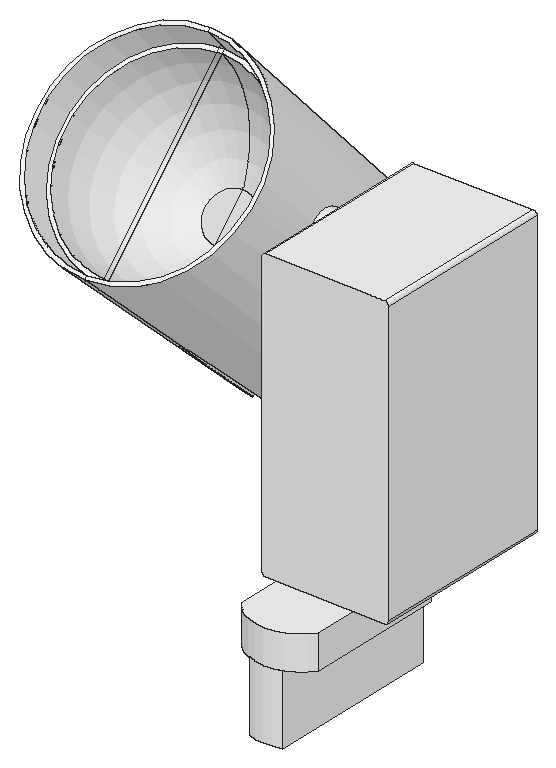
Revit family "0004827 Feilo Sylvania Lighting Fixture START TRACK SPOT S 24W 4K RA80 MB WHITE", category Lighting Fixtures, host Face, Revit 2017
Family settings
  Host = Face
  Round Connector Dimension = Use Diameter
  Part Type = Normal
  OmniClass Number = 23.80.70.00
  OmniClass Title = Lighting
  Cut with Voids When Loaded = No
  Light Source = No
  Shared = No
  Room Calculation Point = No
Parameters (values of type "0004827 START TRACK SPOT S 24W 4K RA80 MB WHITE")
  Weight = "0.966 kg"
  Wattage Comments = ""
  WarrantyStartDate [instance] = "n/a"
  WarrantyGuarantorParts = "n/a"
  WarrantyDurationUnit = "n/a"
  WarrantyDurationParts = "n/a"
  WarrantyDescription = "n/a"
  Voltage = 230 V
  URL = "http://www.sylvania-lighting.com"
  TypeName = "START TRACK SPOT S 24W 4K RA80 MB WHITE"
  TypeHead_FEILO = Start Track Spot Head : 0004827 START TRACK SPOT S 24W 4K RA80 MB WHITE
  TypeBox_FEILO = Start Track Spot Box : Type Small White
  Type Image = <None>
  Type Comments = "n/a"
  VerticalRotation_FEILO [instance] = 0.00°
  SlideEndAngle_FEILO [instance] = VerticalRotation_FEILO + 180.00°  # 180.00°
  SerialNumber [instance] = "n/a"
  Material_3_FEILO = none
  PowerFactor = 0.95
  PowerConsumption = "24 W"
  NominalLength = 0 mm
  NominalHeight = 200 mm
  NominalDepth = 140 mm
  Name = "START TRACK SPOT S 24W 4K RA80 MB WHITE"
  ModelReference = Name  # "START TRACK SPOT S 24W 4K RA80 MB WHITE"
  ModelNumber = "0004827"
  Model = Name  # "START TRACK SPOT S 24W 4K RA80 MB WHITE"
  Material = "adc12 aluminium housing, polycarbonate diffuser"
  ManufacturerName = "Feilo Sylvania"
  Manufacturer = "Feilo Sylvania"
  LuminousEfficacy = "104 lm/W"
  LuminaireType = ""
  LightOutputRatio = "100"
  LampsType = Lamp  # "LED"
  LampNominalLuminous = "2487 lm"
  LampMacAdamStep = "3"
  LampColourTemperature = "4000 K"
  LampColourRenderingIndex = "80"
  Lamp = "LED"
  Keynote = "16500"
  InstallationDate [instance] = "n/a"
  InputVoltage = "230-240V~"
  InputNominalFrequency = "50/60 Hz"
  IngressProtection = "IP20"
  ImpactProtectionIndex = "IK02"
  IfcExportType = "IfcLightFixtureType"
  IfcExportAs = "IfcLightFixtureType"
  HorizontalRotation_FEILO [instance] = 45.00°
  ExpectedLife = 50000
  ElectricShockClassification = "Class II"
  DurationUnit = "hours"
  DocumentationLiterature = "http://www.sylvania-lighting.com/product/en-int/products/0004827"
  DimmingControlOptions = "Non dimmable"
  Material_2_FEILO = none
  Description = "Integrated LED spotlight, Textured White - RAL9016, compact and minimalist design, ideal for retail applications, die-cast aluminium body, passive cooling heatsink. Beam angle: 36°, color temperature: 4000K , total system power: 24W, total fixture output: 2487 lm, LOR: 100%, colour rendering: Ra: 80 typical, LED Chromaticity: 3 step MacAdam ellipse, lifetime: >50000 hours at L70B50, energy class: A++, A+, A, IR/UV free light source without heat radiation, operating voltage: 220-240V / 50-60Hz, drive current: 600mA, electronic driver, non-dimmable, power factor: 0.95, electrical protection: Class II, Global Track 3 Phase adapter suitable for Global trac 3-circuit tracks, ingress protection rating: IP20, suitable for internal environment only, horizontal rotation: 355°, vertical tilt: 90°, dimensions: Ø86x140x200, weight: 0.966kg."
  Default Elevation = 1219.2 mm
  CreatedOn = "12/12/2017"
  CreatedBy = ""
  Cost = 0
  built-in parameter 1114216 [instance] = (empty or 0)
  ClassificationValue = "EF_70_80"
  ClassificationName = "Uniclass2015"
  Material_1_FEILO = Body-Sylvania-StartTrackSpot-White
  BarCode [instance] = "n/a"
  AssetType = "Fixed"
  AssetIdentifier [instance] = "n/a"
  Assembly Code = "D5020200"
  Apparent Load = 24 VA
  Material_4_FEILO = none
Reference planes
  plane 1 "Center (Front/Back)": y = 0
  plane 2: z = 0
  plane 3 "Center (Left/Right)": x = 0
  plane 4: x = 15
  plane 5: x = -15
  plane 6: y = 35
  plane 7: y = -35
  plane 8: z = 13
  plane 9: z = -27
  plane 10: x = 6.5
  plane 11: x = -6.5
  plane 12: y = 27
  plane 13: y = -27
  plane 14: y = 20
Forms (mm)
  Extrusion 1, solid, material "Body-Sylvania-StartTrackSpot-White" <- "Material_1_FEILO"
    sketch origin (0, 0, 0) x (1, 0, 0) y (0, 1, 0)
      loop
        line (-15, 27) -> (-15, -27)
        arc (-15, -27) -> (0, -35) -> (15, -27) r 18.062
        line (15, -27) -> (15, 27)
        arc (15, 27) -> (0, 35) -> (-15, 27) r 18.062
    from 0 to 13
  Extrusion 2, solid, material "Body-Sylvania-StartTrackSpot-White" <- "Material_1_FEILO"
    sketch origin (0, 0, 0) x (1, 0, 0) y (0, 1, 0)
      loop
        arc (6.5, 33.79) -> (0, 35) -> (-6.5, 33.79) r 18.062
        line (-6.5, 33.79) -> (-6.5, -33.79)
        arc (-6.5, -33.79) -> (0, -35) -> (6.5, -33.79) r 18.062
        line (6.5, -33.79) -> (6.5, 33.79)
    from 0 to -27
  Revolve 3, solid, not visible
    sketch origin (1524, 20, 1219.2) x (1, 0, 0) y (0, 0, 1)
      loop
        line (-1524, -1206.2) -> (-1524, -1191.285) -> (-1530.5, -1191.285) -> (-1530.5, -1206.2) -> (-1524, -1206.2)
      axis (-1524, -1191.285) -> (-1524, -1206.2)
    angle from 0 <- "VerticalRotation_FEILO" to 180 <- "SlideEndAngle_FEILO"
Cuts and joins
  joined: Extrusion 1, Extrusion 2
Dimensions and locks
  equal spacing: plane 10, plane 3 "Center (Left/Right)", plane 11
  equal spacing: plane 4, plane 3 "Center (Left/Right)", plane 5
  locked: plane 8 to plane 2 at 13
  locked: plane 8 to plane 9 at 40
  equal spacing: plane 13, plane 1 "Center (Front/Back)", plane 12
  locked: plane 12 to plane 6 at 8
  locked: plane 14 to plane 6 at 15
  locked: Revolve 3 sketch curve to plane 8 at 14.915
  aligned and locked: plane 2 to host face
  aligned and locked: level to host face
  aligned and locked: plane 5 to Extrusion 1 sketch curve  (x2)
  aligned and locked: plane 12 to Extrusion 1 sketch curve
  aligned and locked: plane 13 to Extrusion 1 sketch curve
  aligned and locked: plane 4 to Extrusion 1 sketch curve
  aligned and locked: Extrusion 1 to plane 8
  aligned and locked: Extrusion 1 to level
  aligned and locked: Extrusion 2 sketch curve to Extrusion 1  (x2)
  aligned and locked: Extrusion 2 sketch curve to plane 11
  aligned and locked: plane 10 to Extrusion 2 sketch curve
  aligned and locked: plane 9 to Extrusion 2
  aligned and locked: level to Extrusion 2
  aligned and locked: Revolve 3 sketch curve to plane 3 "Center (Left/Right)"  (x2)
  aligned and locked: plane 11 to Revolve 3 sketch curve
  aligned and locked: Revolve 3 sketch curve to plane 8
Automatic sketch dimensions
  host sketch curve to host sketch curve = 2438.4 mm  (x2)
  Extrusion 1 sketch curve to plane 3 "Center (Left/Right)" = 0 mm  (x2)
  Extrusion 1 sketch curve to plane 13 = 10.062 mm
  plane 12 to Extrusion 1 sketch curve = 10.062 mm
  Revolve 3 sketch curve to plane 3 "Center (Left/Right)" = 0 mm
  plane 9 to Revolve 3 sketch curve = 582.6 mm
  Revolve 3 sketch curve to Revolve 3 sketch curve = 2581.144 mm
Nested families
  nested 1: "Start Track Spot Head" at (-62, 20, 112.529) x (0, 0.7071, 0.7071) z (0, 0.7071, -0.7071), type <- "TypeHead_FEILO", type "0004827 START TRACK SPOT S 24W 4K RA80 MB WHITE"
    with built-in parameter 1114216 (empty or 0)
  nested 2: "Start Track Spot Box" at (8.5, 20, 73) x (-1, 0, 0) z (0, -1, 0), BoxStartAngle_FEILO <- "HorizontalRotation_FEILO", type <- "TypeBox_FEILO", type "Type Small White"
    with BoxStartAngle_FEILO 45.00°, BoxEndAngle_FEILO -135.00°
Connectors
  electrical at (0, 0, 0), driven by "Apparent Load", driven by "PowerFactor", driven by "Voltage"
    settings: index 1, voltage 230 V, apparent load 24 VA, apparent load phase1 0 VA, apparent load phase2 0 VA, apparent load phase3 0 VA, power factor 0.95, load classification "Lighting", number of poles 1, system type 30, power factor state 1, is connector primary yes, connector utility no, sub classification motor no, connector description ""
Definition of nested family "Start Track Spot Head"
  Parameters (values of type "0004811 START TRACK SPOT S 14W 3K RA80 NB WHITE")
    Wattage Comments = "n/a"
    Wattage = 14 W
    built-in parameter 1150110 = 1 (stored number, unit not read)
    URL = "http://www.feilosylvania.com"
    Type Image = (empty or 0)
    Type Comments = "n/a"
    built-in parameter 1114217 = 1 (stored number, unit not read)
    Tilt Angle = -90.00°
    built-in parameter 1150109 = 1 (stored number, unit not read)
    built-in parameter 1150134 = (empty or 0)
    built-in parameter 1150113 = 1 (stored number, unit not read)
    Photometric Web File = "0004811.ies"
    Material_3_FEILO = none
    Model = "START TRACK SPOT S 14W 3K RA80 NB WHITE"
    Manufacturer = "Feilo Sylvania"
    built-in parameter 1150105 = 123.66 (stored number, unit not read)
    Lumens = 1554 lm
    built-in parameter 1150115 = 1 (stored number, unit not read)
    built-in parameter 1150137 = (empty or 0)
    built-in parameter 1150139 = (empty or 0)
    built-in parameter 1150112 = 1 (stored number, unit not read)
    built-in parameter 1150114 = 1 (stored number, unit not read)
    Lamp = "LED"
    Keynote = "16500"
    Material_2_FEILO = none
    built-in parameter 1150132 = (empty or 0)
    built-in parameter 1150102 = (empty or 0)
    built-in parameter 1150107 = 3000 (stored number, unit not read)
    built-in parameter 1150138 = (empty or 0)
    built-in parameter 1150106 = 1.2366 (stored number, unit not read)
    HeadThickness_FEILO = if(HeadDiaOut_FEILO > 112 mm, 2 mm, 1.5 mm)  # 1.5 mm
    HeadRibOffset_FEILO = HeadHeight_FEILO / 28  # 4.179 mm
    HeadRibDepth_FEILO = HeadHeight_FEILO / 2.1  # 55.714 mm
    HeadRibCutWidth_FEILO = HeadDiaOut_FEILO / 12  # 7.167 mm
    HeadRibCutOffset_FEILO = HeadHeight_FEILO / 2.3  # 50.87 mm
    HeadReflectorRadius_FEILO = HeadDiaOut_FEILO / 1.7  # 50.588 mm
    HeadReflectorOffset_FEILO = HeadHeight_FEILO / 2.1  # 55.714 mm
    HeadLEDRadius_FEILO = HeadDiaOut_FEILO / 9  # 9.556 mm
    HeadHeight_FEILO = 117 mm
    HeadDraft_FEILO = 1 mm
    HeadDiffusorThickness_FEILO = 3 mm
    HeadDiffusorOffset_FEILO = HeadHeight_FEILO / 12.4  # 9.435 mm
    HeadDiaOut_FEILO = 86 mm
    HeadDiaIn_FEILO = HeadDiaOut_FEILO / 1.11  # 77.477 mm
    HeadAxisFromTop_FEILO = HeadHeight_FEILO / 1.687  # 69.354 mm
    Emit from Circle Diameter = HeadDiaIn_FEILO  # 77.477 mm
    Emit Shape Visible in Rendering = no
    built-in parameter 1150104 = 10.312 (stored number, unit not read)
    Dimming Lamp Color Temperature Shift = (empty or 0)
    Description = "Integrated LED spotlight, Textured White - RAL9016, compact and minimalist design, ideal for retail applications, die-cast aluminium body, passive cooling heatsink. Beam angle: 12°, color temperature: 3000K , total system power: 14W, total fixture output: 1551 lm, LOR: 100%, colour rendering: Ra: 80 typical, LED Chromaticity: 3 step MacAdam ellipse, lifetime: >50000 hours at L70B50, energy class: A++, A+, A, IR/UV free light source without heat radiation, operating voltage: 220-240V / 50-60Hz, drive current: 350mA, electronic driver, non-dimmable, power factor: 0.92, electrical protection: Class II, Global Track 3 Phase adapter suitable for Global trac 3-circuit tracks, ingress protection rating: IP20, suitable for internal environment only, horizontal rotation: 355°, vertical tilt: 90°, dimensions: Ø86x140x200, weight: 0.940kg."
    Default Elevation = 1219.2 mm
    Cost = 0
    Color Filter = 16777215
    built-in parameter 1114216 [instance] = (empty or 0)
    Material_1_FEILO = none
    built-in parameter 1114218 = 1 (stored number, unit not read)
    built-in parameter 1150133 = 10 (stored number, unit not read)
    Assembly Code = "D5020200"
    Apparent Load = 14 VA
    Material_4_FEILO = none
  Types (96, lengths in mm): name | Wattage | built-in parameter 1150134 | Photometric Web File | Model | built-in parameter 1150105 | Lumens | built-in parameter 1150107 | built-in parameter 1150106 | HeadThickness_FEILO | HeadRibOffset_FEILO | HeadRibDepth_FEILO | HeadRibCutWidth_FEILO | HeadRibCutOffset_FEILO | HeadReflectorRadius_FEILO | HeadReflectorOffset_FEILO | HeadLEDRadius_FEILO | HeadHeight_FEILO | HeadDiffusorOffset_FEILO | HeadDiaOut_FEILO | HeadDiaIn_FEILO | HeadAxisFromTop_FEILO | Emit from Circle Diameter | built-in parameter 1150104 | Description | Apparent Load
    0004906 START TRACK SPOT L 55W 4K RA90 WB BLACK | 55 W | 12 | "0004906.ies" | "START TRACK SPOT L 55W 4K RA90 WB BLACK" | 385.15 (stored number, unit not read) | 4840 lm | 4000 (stored number, unit not read) | 3.8515 (stored number, unit not read) | 2 | 4.429 | 59.048 | 9.417 | 53.913 | 66.471 | 59.048 | 12.556 | 124 | 10 | 113 | 101.802 | 73.503 | 101.802 | 8.1755 (stored number, unit not read) | "Integrated LED spotlight, Textured Black - RAL9005, compact and minimalist design, ideal for retail applications, die-cast aluminium body, passive cooling heatsink. Beam angle: 52°, color temperature: 4000K , total system power: 55W, total fixture output: 4824 lm, LOR: 100%, colour rendering: Ra: 90 typical, LED Chromaticity: 3 step MacAdam ellipse, lifetime: >50000 hours at L70B50, energy class: A++, A+, A, IR/UV free light source without heat radiation, operating voltage: 220-240V / 50-60Hz, drive current: 1400mA, electronic driver, non-dimmable, power factor: 0.96, electrical protection: Class II, Global Track 3 Phase adapter suitable for Global trac 3-circuit tracks, ingress protection rating: IP20, suitable for internal environment only, horizontal rotation: 355°, vertical tilt: 90°, dimensions: Ø113x164x240, weight: 1.398kg." | 55 VA
    0004905 START TRACK SPOT L 55W 4K RA90 MB BLACK | 55 W | 12 | "0004905.ies" | "START TRACK SPOT L 55W 4K RA90 MB BLACK" | 389.53 (stored number, unit not read) | 4895 lm | 4000 (stored number, unit not read) | 3.8953 (stored number, unit not read) | 2 | 4.429 | 59.048 | 9.417 | 53.913 | 66.471 | 59.048 | 12.556 | 124 | 10 | 113 | 101.802 | 73.503 | 101.802 | 8.2684 (stored number, unit not read) | "Integrated LED spotlight, Textured Black - RAL9005, compact and minimalist design, ideal for retail applications, die-cast aluminium body, passive cooling heatsink. Beam angle: 38°, color temperature: 4000K , total system power: 55W, total fixture output: 4897 lm, LOR: 100%, colour rendering: Ra: 90 typical, LED Chromaticity: 3 step MacAdam ellipse, lifetime: >50000 hours at L70B50, energy class: A++, A+, A, IR/UV free light source without heat radiation, operating voltage: 220-240V / 50-60Hz, drive current: 1400mA, electronic driver, non-dimmable, power factor: 0.96, electrical protection: Class II, Global Track 3 Phase adapter suitable for Global trac 3-circuit tracks, ingress protection rating: IP20, suitable for internal environment only, horizontal rotation: 355°, vertical tilt: 90°, dimensions: Ø113x164x240, weight: 1.398kg." | 55 VA
    0004904 START TRACK SPOT L 55W 4K RA90 NB BLACK | 55 W | 12 | "0004904.ies" | "START TRACK SPOT L 55W 4K RA90 NB BLACK" | 393.91 (stored number, unit not read) | 4950 lm | 4000 (stored number, unit not read) | 3.9391 (stored number, unit not read) | 2 | 4.429 | 59.048 | 9.417 | 53.913 | 66.471 | 59.048 | 12.556 | 124 | 10 | 113 | 101.802 | 73.503 | 101.802 | 8.3613 (stored number, unit not read) | "Integrated LED spotlight, Textured Black - RAL9005, compact and minimalist design, ideal for retail applications, die-cast aluminium body, passive cooling heatsink. Beam angle: 15°, color temperature: 4000K , total system power: 55W, total fixture output: 4965 lm, LOR: 100%, colour rendering: Ra: 90 typical, LED Chromaticity: 3 step MacAdam ellipse, lifetime: >50000 hours at L70B50, energy class: A++, A+, A, IR/UV free light source without heat radiation, operating voltage: 220-240V / 50-60Hz, drive current: 1400mA, electronic driver, non-dimmable, power factor: 0.96, electrical protection: Class II, Global Track 3 Phase adapter suitable for Global trac 3-circuit tracks, ingress protection rating: IP20, suitable for internal environment only, horizontal rotation: 355°, vertical tilt: 90°, dimensions: Ø113x164x240, weight: 1.398kg." | 55 VA
    0004903 START TRACK SPOT L 35W 4K RA90 WB BLACK | 35 W | 12 | "0004903.ies" | "START TRACK SPOT L 35W 4K RA90 WB BLACK" | 284.09 (stored number, unit not read) | 3570 lm | 4000 (stored number, unit not read) | 2.8409 (stored number, unit not read) | 2 | 4.429 | 59.048 | 9.417 | 53.913 | 66.471 | 59.048 | 12.556 | 124 | 10 | 113 | 101.802 | 73.503 | 101.802 | 9.4761 (stored number, unit not read) | "Integrated LED spotlight, Textured Black - RAL9005, compact and minimalist design, ideal for retail applications, die-cast aluminium body, passive cooling heatsink. Beam angle: 52°, color temperature: 4000K , total system power: 35W, total fixture output: 3562 lm, LOR: 100%, colour rendering: Ra: 90 typical, LED Chromaticity: 3 step MacAdam ellipse, lifetime: >50000 hours at L70B50, energy class: A++, A+, A, IR/UV free light source without heat radiation, operating voltage: 220-240V / 50-60Hz, drive current: 900mA, electronic driver, non-dimmable, power factor: 0.93, electrical protection: Class II, Global Track 3 Phase adapter suitable for Global trac 3-circuit tracks, ingress protection rating: IP20, suitable for internal environment only, horizontal rotation: 355°, vertical tilt: 90°, dimensions: Ø113x164x240, weight: 1.368kg." | 35 VA
    0004902 START TRACK SPOT L 35W 4K RA90 MB BLACK | 35 W | 12 | "0004902.ies" | "START TRACK SPOT L 35W 4K RA90 MB BLACK" | 286.88 (stored number, unit not read) | 3605 lm | 4000 (stored number, unit not read) | 2.8688 (stored number, unit not read) | 2 | 4.429 | 59.048 | 9.417 | 53.913 | 66.471 | 59.048 | 12.556 | 124 | 10 | 113 | 101.802 | 73.503 | 101.802 | 9.569 (stored number, unit not read) | "Integrated LED spotlight, Textured Black - RAL9005, compact and minimalist design, ideal for retail applications, die-cast aluminium body, passive cooling heatsink. Beam angle: 38°, color temperature: 4000K , total system power: 35W, total fixture output: 3616 lm, LOR: 100%, colour rendering: Ra: 90 typical, LED Chromaticity: 3 step MacAdam ellipse, lifetime: >50000 hours at L70B50, energy class: A++, A+, A, IR/UV free light source without heat radiation, operating voltage: 220-240V / 50-60Hz, drive current: 900mA, electronic driver, non-dimmable, power factor: 0.93, electrical protection: Class II, Global Track 3 Phase adapter suitable for Global trac 3-circuit tracks, ingress protection rating: IP20, suitable for internal environment only, horizontal rotation: 355°, vertical tilt: 90°, dimensions: Ø113x164x240, weight: 1.368kg." | 35 VA
    0004901 START TRACK SPOT L 35W 4K RA90 NB BLACK | 35 W | 12 | "0004901.ies" | "START TRACK SPOT L 35W 4K RA90 NB BLACK" | 286.88 (stored number, unit not read) | 3605 lm | 4000 (stored number, unit not read) | 2.8688 (stored number, unit not read) | 2 | 4.429 | 59.048 | 9.417 | 53.913 | 66.471 | 59.048 | 12.556 | 124 | 10 | 113 | 101.802 | 73.503 | 101.802 | 9.569 (stored number, unit not read) | "Integrated LED spotlight, Textured Black - RAL9005, compact and minimalist design, ideal for retail applications, die-cast aluminium body, passive cooling heatsink. Beam angle: 15°, color temperature: 4000K , total system power: 35W, total fixture output: 3593 lm, LOR: 100%, colour rendering: Ra: 90 typical, LED Chromaticity: 3 step MacAdam ellipse, lifetime: >50000 hours at L70B50, energy class: A++, A+, A, IR/UV free light source without heat radiation, operating voltage: 220-240V / 50-60Hz, drive current: 900mA, electronic driver, non-dimmable, power factor: 0.93, electrical protection: Class II, Global Track 3 Phase adapter suitable for Global trac 3-circuit tracks, ingress protection rating: IP20, suitable for internal environment only, horizontal rotation: 355°, vertical tilt: 90°, dimensions: Ø113x164x240, weight: 1.368kg." | 35 VA
    0004900 START TRACK SPOT S 24W 4K RA90 WB BLACK | 24 W | 12 | "0004900.ies" | "START TRACK SPOT S 24W 4K RA90 WB BLACK" | 166.16 (stored number, unit not read) | 2088 lm | 4000 (stored number, unit not read) | 1.6616 (stored number, unit not read) | 1.5 | 4.179 | 55.714 | 7.167 | 50.87 | 50.588 | 55.714 | 9.556 | 117 | 9.435 | 86 | 77.477 | 69.354 | 77.477 | 8.0826 (stored number, unit not read) | "Integrated LED spotlight, Textured Black - RAL9005, compact and minimalist design, ideal for retail applications, die-cast aluminium body, passive cooling heatsink. Beam angle: 64°, color temperature: 4000K , total system power: 24W, total fixture output: 2087 lm, LOR: 100%, colour rendering: Ra: 90 typical, LED Chromaticity: 3 step MacAdam ellipse, lifetime: >50000 hours at L70B50, energy class: A++, A+, A, IR/UV free light source without heat radiation, operating voltage: 220-240V / 50-60Hz, drive current: 600mA, electronic driver, non-dimmable, power factor: 0.95, electrical protection: Class II, Global Track 3 Phase adapter suitable for Global trac 3-circuit tracks, ingress protection rating: IP20, suitable for internal environment only, horizontal rotation: 355°, vertical tilt: 90°, dimensions: Ø86x140x200, weight: 0.966kg." | 24 VA
    0004899 START TRACK SPOT S 24W 4K RA90 MB BLACK | 24 W | 12 | "0004899.ies" | "START TRACK SPOT S 24W 4K RA90 MB BLACK" | 169.98 (stored number, unit not read) | 2136 lm | 4000 (stored number, unit not read) | 1.6998 (stored number, unit not read) | 1.5 | 4.179 | 55.714 | 7.167 | 50.87 | 50.588 | 55.714 | 9.556 | 117 | 9.435 | 86 | 77.477 | 69.354 | 77.477 | 8.2684 (stored number, unit not read) | "Integrated LED spotlight, Textured Black - RAL9005, compact and minimalist design, ideal for retail applications, die-cast aluminium body, passive cooling heatsink. Beam angle: 36°, color temperature: 4000K , total system power: 24W, total fixture output: 2141 lm, LOR: 100%, colour rendering: Ra: 90 typical, LED Chromaticity: 3 step MacAdam ellipse, lifetime: >50000 hours at L70B50, energy class: A++, A+, A, IR/UV free light source without heat radiation, operating voltage: 220-240V / 50-60Hz, drive current: 600mA, electronic driver, non-dimmable, power factor: 0.95, electrical protection: Class II, Global Track 3 Phase adapter suitable for Global trac 3-circuit tracks, ingress protection rating: IP20, suitable for internal environment only, horizontal rotation: 355°, vertical tilt: 90°, dimensions: Ø86x140x200, weight: 0.966kg." | 24 VA
    0004898 START TRACK SPOT S 24W 4K RA90 NB BLACK | 24 W | 12 | "0004898.ies" | "START TRACK SPOT S 24W 4K RA90 NB BLACK" | 171.89 (stored number, unit not read) | 2160 lm | 4000 (stored number, unit not read) | 1.7189 (stored number, unit not read) | 1.5 | 4.179 | 55.714 | 7.167 | 50.87 | 50.588 | 55.714 | 9.556 | 117 | 9.435 | 86 | 77.477 | 69.354 | 77.477 | 8.3613 (stored number, unit not read) | "Integrated LED spotlight, Textured Black - RAL9005, compact and minimalist design, ideal for retail applications, die-cast aluminium body, passive cooling heatsink. Beam angle: 12°, color temperature: 4000K , total system power: 24W, total fixture output: 2155 lm, LOR: 100%, colour rendering: Ra: 90 typical, LED Chromaticity: 3 step MacAdam ellipse, lifetime: >50000 hours at L70B50, energy class: A++, A+, A, IR/UV free light source without heat radiation, operating voltage: 220-240V / 50-60Hz, drive current: 600mA, electronic driver, non-dimmable, power factor: 0.95, electrical protection: Class II, Global Track 3 Phase adapter suitable for Global trac 3-circuit tracks, ingress protection rating: IP20, suitable for internal environment only, horizontal rotation: 355°, vertical tilt: 90°, dimensions: Ø86x140x200, weight: 0.966kg." | 24 VA
    0004897 START TRACK SPOT S 14W 4K RA90 WB BLACK | 14 W | 12 | "0004897.ies" | "START TRACK SPOT S 14W 4K RA90 WB BLACK" | 108.07 (stored number, unit not read) | 1358 lm | 4000 (stored number, unit not read) | 1.0807 (stored number, unit not read) | 1.5 | 4.179 | 55.714 | 7.167 | 50.87 | 50.588 | 55.714 | 9.556 | 117 | 9.435 | 86 | 77.477 | 69.354 | 77.477 | 9.0116 (stored number, unit not read) | "Integrated LED spotlight, Textured Black - RAL9005, compact and minimalist design, ideal for retail applications, die-cast aluminium body, passive cooling heatsink. Beam angle: 64°, color temperature: 4000K , total system power: 14W, total fixture output: 1352 lm, LOR: 100%, colour rendering: Ra: 90 typical, LED Chromaticity: 3 step MacAdam ellipse, lifetime: >50000 hours at L70B50, energy class: A++, A+, A, IR/UV free light source without heat radiation, operating voltage: 220-240V / 50-60Hz, drive current: 350mA, electronic driver, non-dimmable, power factor: 0.92, electrical protection: Class II, Global Track 3 Phase adapter suitable for Global trac 3-circuit tracks, ingress protection rating: IP20, suitable for internal environment only, horizontal rotation: 355°, vertical tilt: 90°, dimensions: Ø86x140x200, weight: 0.940kg." | 14 VA
    0004896 START TRACK SPOT S 14W 4K RA90 MB BLACK | 14 W | 12 | "0004896.ies" | "START TRACK SPOT S 14W 4K RA90 MB BLACK" | 108.07 (stored number, unit not read) | 1358 lm | 4000 (stored number, unit not read) | 1.0807 (stored number, unit not read) | 1.5 | 4.179 | 55.714 | 7.167 | 50.87 | 50.588 | 55.714 | 9.556 | 117 | 9.435 | 86 | 77.477 | 69.354 | 77.477 | 9.0116 (stored number, unit not read) | "Integrated LED spotlight, Textured Black - RAL9005, compact and minimalist design, ideal for retail applications, die-cast aluminium body, passive cooling heatsink. Beam angle: 36°, color temperature: 4000K , total system power: 14W, total fixture output: 1359 lm, LOR: 100%, colour rendering: Ra: 90 typical, LED Chromaticity: 3 step MacAdam ellipse, lifetime: >50000 hours at L70B50, energy class: A++, A+, A, IR/UV free light source without heat radiation, operating voltage: 220-240V / 50-60Hz, drive current: 350mA, electronic driver, non-dimmable, power factor: 0.92, electrical protection: Class II, Global Track 3 Phase adapter suitable for Global trac 3-circuit tracks, ingress protection rating: IP20, suitable for internal environment only, horizontal rotation: 355°, vertical tilt: 90°, dimensions: Ø86x140x200, weight: 0.940kg." | 14 VA
    0004895 START TRACK SPOT S 14W 4K RA90 NB BLACK | 14 W | 12 | "0004895.ies" | "START TRACK SPOT S 14W 4K RA90 NB BLACK" | 106.95 (stored number, unit not read) | 1344 lm | 4000 (stored number, unit not read) | 1.0695 (stored number, unit not read) | 1.5 | 4.179 | 55.714 | 7.167 | 50.87 | 50.588 | 55.714 | 9.556 | 117 | 9.435 | 86 | 77.477 | 69.354 | 77.477 | 8.9187 (stored number, unit not read) | "Integrated LED spotlight, Textured Black - RAL9005, compact and minimalist design, ideal for retail applications, die-cast aluminium body, passive cooling heatsink. Beam angle: 12°, color temperature: 4000K , total system power: 14W, total fixture output: 1349 lm, LOR: 100%, colour rendering: Ra: 90 typical, LED Chromaticity: 3 step MacAdam ellipse, lifetime: >50000 hours at L70B50, energy class: A++, A+, A, IR/UV free light source without heat radiation, operating voltage: 220-240V / 50-60Hz, drive current: 350mA, electronic driver, non-dimmable, power factor: 0.92, electrical protection: Class II, Global Track 3 Phase adapter suitable for Global trac 3-circuit tracks, ingress protection rating: IP20, suitable for internal environment only, horizontal rotation: 355°, vertical tilt: 90°, dimensions: Ø86x140x200, weight: 0.940kg." | 14 VA
    0004894 START TRACK SPOT L 55W 3K RA90 WB BLACK | 55 W | (empty or 0) | "0004894.ies" | "START TRACK SPOT L 55W 3K RA90 WB BLACK" | 350.14 (stored number, unit not read) | 4400 lm | 3000 (stored number, unit not read) | 3.5014 (stored number, unit not read) | 2 | 4.429 | 59.048 | 9.417 | 53.913 | 66.471 | 59.048 | 12.556 | 124 | 10 | 113 | 101.802 | 73.503 | 101.802 | 7.4322 (stored number, unit not read) | "Integrated LED spotlight, Textured Black - RAL9005, compact and minimalist design, ideal for retail applications, die-cast aluminium body, passive cooling heatsink. Beam angle: 52°, color temperature: 3000K , total system power: 55W, total fixture output: 4405 lm, LOR: 100%, colour rendering: Ra: 90 typical, LED Chromaticity: 3 step MacAdam ellipse, lifetime: >50000 hours at L70B50, energy class: A++, A+, A, IR/UV free light source without heat radiation, operating voltage: 220-240V / 50-60Hz, drive current: 1400mA, electronic driver, non-dimmable, power factor: 0.96, electrical protection: Class II, Global Track 3 Phase adapter suitable for Global trac 3-circuit tracks, ingress protection rating: IP20, suitable for internal environment only, horizontal rotation: 355°, vertical tilt: 90°, dimensions: Ø113x164x240, weight: 1.398kg." | 55 VA
    0004893 START TRACK SPOT L 55W 3K RA90 MB BLACK | 55 W | (empty or 0) | "0004893.ies" | "START TRACK SPOT L 55W 3K RA90 MB BLACK" | 354.52 (stored number, unit not read) | 4455 lm | 3000 (stored number, unit not read) | 3.5452 (stored number, unit not read) | 2 | 4.429 | 59.048 | 9.417 | 53.913 | 66.471 | 59.048 | 12.556 | 124 | 10 | 113 | 101.802 | 73.503 | 101.802 | 7.5251 (stored number, unit not read) | "Integrated LED spotlight, Textured Black - RAL9005, compact and minimalist design, ideal for retail applications, die-cast aluminium body, passive cooling heatsink. Beam angle: 38°, color temperature: 3000K , total system power: 55W, total fixture output: 4448 lm, LOR: 100%, colour rendering: Ra: 90 typical, LED Chromaticity: 3 step MacAdam ellipse, lifetime: >50000 hours at L70B50, energy class: A++, A+, A, IR/UV free light source without heat radiation, operating voltage: 220-240V / 50-60Hz, drive current: 1400mA, electronic driver, non-dimmable, power factor: 0.96, electrical protection: Class II, Global Track 3 Phase adapter suitable for Global trac 3-circuit tracks, ingress protection rating: IP20, suitable for internal environment only, horizontal rotation: 355°, vertical tilt: 90°, dimensions: Ø113x164x240, weight: 1.398kg." | 55 VA
    0004892 START TRACK SPOT L 55W 3K RA90 NB BLACK | 55 W | (empty or 0) | "0004892.ies" | "START TRACK SPOT L 55W 3K RA90 NB BLACK" | 350.14 (stored number, unit not read) | 4400 lm | 3000 (stored number, unit not read) | 3.5014 (stored number, unit not read) | 2 | 4.429 | 59.048 | 9.417 | 53.913 | 66.471 | 59.048 | 12.556 | 124 | 10 | 113 | 101.802 | 73.503 | 101.802 | 7.4322 (stored number, unit not read) | "Integrated LED spotlight, Textured Black - RAL9005, compact and minimalist design, ideal for retail applications, die-cast aluminium body, passive cooling heatsink. Beam angle: 15°, color temperature: 3000K , total system power: 55W, total fixture output: 4416 lm, LOR: 100%, colour rendering: Ra: 90 typical, LED Chromaticity: 3 step MacAdam ellipse, lifetime: >50000 hours at L70B50, energy class: A++, A+, A, IR/UV free light source without heat radiation, operating voltage: 220-240V / 50-60Hz, drive current: 1400mA, electronic driver, non-dimmable, power factor: 0.96, electrical protection: Class II, Global Track 3 Phase adapter suitable for Global trac 3-circuit tracks, ingress protection rating: IP20, suitable for internal environment only, horizontal rotation: 355°, vertical tilt: 90°, dimensions: Ø113x164x240, weight: 1.398kg." | 55 VA
    0004891 START TRACK SPOT L 35W 3K RA90 WB BLACK | 35 W | (empty or 0) | "0004891.ies" | "START TRACK SPOT L 35W 3K RA90 WB BLACK" | 259.02 (stored number, unit not read) | 3255 lm | 3000 (stored number, unit not read) | 2.5902 (stored number, unit not read) | 2 | 4.429 | 59.048 | 9.417 | 53.913 | 66.471 | 59.048 | 12.556 | 124 | 10 | 113 | 101.802 | 73.503 | 101.802 | 8.64 (stored number, unit not read) | "Integrated LED spotlight, Textured Black - RAL9005, compact and minimalist design, ideal for retail applications, die-cast aluminium body, passive cooling heatsink. Beam angle: 52°, color temperature: 3000K , total system power: 35W, total fixture output: 3260 lm, LOR: 100%, colour rendering: Ra: 90 typical, LED Chromaticity: 3 step MacAdam ellipse, lifetime: >50000 hours at L70B50, energy class: A++, A+, A, IR/UV free light source without heat radiation, operating voltage: 220-240V / 50-60Hz, drive current: 900mA, electronic driver, non-dimmable, power factor: 0.93, electrical protection: Class II, Global Track 3 Phase adapter suitable for Global trac 3-circuit tracks, ingress protection rating: IP20, suitable for internal environment only, horizontal rotation: 355°, vertical tilt: 90°, dimensions: Ø113x164x240, weight: 1.368kg." | 35 VA
    0004890 START TRACK SPOT L 35W 3K RA90 MB BLACK | 35 W | (empty or 0) | "0004890.ies" | "START TRACK SPOT L 35W 3K RA90 MB BLACK" | 261.81 (stored number, unit not read) | 3290 lm | 3000 (stored number, unit not read) | 2.6181 (stored number, unit not read) | 2 | 4.429 | 59.048 | 9.417 | 53.913 | 66.471 | 59.048 | 12.556 | 124 | 10 | 113 | 101.802 | 73.503 | 101.802 | 8.7329 (stored number, unit not read) | "Integrated LED spotlight, Textured Black - RAL9005, compact and minimalist design, ideal for retail applications, die-cast aluminium body, passive cooling heatsink. Beam angle: 38°, color temperature: 3000K , total system power: 35W, total fixture output: 3306 lm, LOR: 100%, colour rendering: Ra: 90 typical, LED Chromaticity: 3 step MacAdam ellipse, lifetime: >50000 hours at L70B50, energy class: A++, A+, A, IR/UV free light source without heat radiation, operating voltage: 220-240V / 50-60Hz, drive current: 900mA, electronic driver, non-dimmable, power factor: 0.93, electrical protection: Class II, Global Track 3 Phase adapter suitable for Global trac 3-circuit tracks, ingress protection rating: IP20, suitable for internal environment only, horizontal rotation: 355°, vertical tilt: 90°, dimensions: Ø113x164x240, weight: 1.368kg." | 35 VA
    0004889 START TRACK SPOT L 35W 3K RA90 NB BLACK | 35 W | (empty or 0) | "0004889.ies" | "START TRACK SPOT L 35W 3K RA90 NB BLACK" | 261.81 (stored number, unit not read) | 3290 lm | 3000 (stored number, unit not read) | 2.6181 (stored number, unit not read) | 2 | 4.429 | 59.048 | 9.417 | 53.913 | 66.471 | 59.048 | 12.556 | 124 | 10 | 113 | 101.802 | 73.503 | 101.802 | 8.7329 (stored number, unit not read) | "Integrated LED spotlight, Textured Black - RAL9005, compact and minimalist design, ideal for retail applications, die-cast aluminium body, passive cooling heatsink. Beam angle: 15°, color temperature: 3000K , total system power: 35W, total fixture output: 3287 lm, LOR: 100%, colour rendering: Ra: 90 typical, LED Chromaticity: 3 step MacAdam ellipse, lifetime: >50000 hours at L70B50, energy class: A++, A+, A, IR/UV free light source without heat radiation, operating voltage: 220-240V / 50-60Hz, drive current: 900mA, electronic driver, non-dimmable, power factor: 0.93, electrical protection: Class II, Global Track 3 Phase adapter suitable for Global trac 3-circuit tracks, ingress protection rating: IP20, suitable for internal environment only, horizontal rotation: 355°, vertical tilt: 90°, dimensions: Ø113x164x240, weight: 1.368kg." | 35 VA
    0004888 START TRACK SPOT S 24W 3K RA90 WB BLACK | 24 W | (empty or 0) | "0004888.ies" | "START TRACK SPOT S 24W 3K RA90 WB BLACK" | 152.79 (stored number, unit not read) | 1920 lm | 3000 (stored number, unit not read) | 1.5279 (stored number, unit not read) | 1.5 | 4.179 | 55.714 | 7.167 | 50.87 | 50.588 | 55.714 | 9.556 | 117 | 9.435 | 86 | 77.477 | 69.354 | 77.477 | 7.4322 (stored number, unit not read) | "Integrated LED spotlight, Textured Black - RAL9005, compact and minimalist design, ideal for retail applications, die-cast aluminium body, passive cooling heatsink. Beam angle: 64°, color temperature: 3000K , total system power: 24W, total fixture output: 1928 lm, LOR: 100%, colour rendering: Ra: 90 typical, LED Chromaticity: 3 step MacAdam ellipse, lifetime: >50000 hours at L70B50, energy class: A++, A+, A, IR/UV free light source without heat radiation, operating voltage: 220-240V / 50-60Hz, drive current: 600mA, electronic driver, non-dimmable, power factor: 0.95, electrical protection: Class II, Global Track 3 Phase adapter suitable for Global trac 3-circuit tracks, ingress protection rating: IP20, suitable for internal environment only, horizontal rotation: 355°, vertical tilt: 90°, dimensions: Ø86x140x200, weight: 0.966kg." | 24 VA
    0004887 START TRACK SPOT S 24W 3K RA90 MB BLACK | 24 W | (empty or 0) | "0004887.ies" | "START TRACK SPOT S 24W 3K RA90 MB BLACK" | 154.7 (stored number, unit not read) | 1944 lm | 3000 (stored number, unit not read) | 1.547 (stored number, unit not read) | 1.5 | 4.179 | 55.714 | 7.167 | 50.87 | 50.588 | 55.714 | 9.556 | 117 | 9.435 | 86 | 77.477 | 69.354 | 77.477 | 7.5251 (stored number, unit not read) | "Integrated LED spotlight, Textured Black - RAL9005, compact and minimalist design, ideal for retail applications, die-cast aluminium body, passive cooling heatsink. Beam angle: 36°, color temperature: 3000K , total system power: 24W, total fixture output: 1944 lm, LOR: 100%, colour rendering: Ra: 90 typical, LED Chromaticity: 3 step MacAdam ellipse, lifetime: >50000 hours at L70B50, energy class: A++, A+, A, IR/UV free light source without heat radiation, operating voltage: 220-240V / 50-60Hz, drive current: 600mA, electronic driver, non-dimmable, power factor: 0.95, electrical protection: Class II, Global Track 3 Phase adapter suitable for Global trac 3-circuit tracks, ingress protection rating: IP20, suitable for internal environment only, horizontal rotation: 355°, vertical tilt: 90°, dimensions: Ø86x140x200, weight: 0.966kg." | 24 VA
    0004886 START TRACK SPOT S 24W 3K RA90 NB BLACK | 24 W | (empty or 0) | "0004886.ies" | "START TRACK SPOT S 24W 3K RA90 NB BLACK" | 158.52 (stored number, unit not read) | 1992 lm | 3000 (stored number, unit not read) | 1.5852 (stored number, unit not read) | 1.5 | 4.179 | 55.714 | 7.167 | 50.87 | 50.588 | 55.714 | 9.556 | 117 | 9.435 | 86 | 77.477 | 69.354 | 77.477 | 7.711 (stored number, unit not read) | "Integrated LED spotlight, Textured Black - RAL9005, compact and minimalist design, ideal for retail applications, die-cast aluminium body, passive cooling heatsink. Beam angle: 12°, color temperature: 3000K , total system power: 24W, total fixture output: 1987 lm, LOR: 100%, colour rendering: Ra: 90 typical, LED Chromaticity: 3 step MacAdam ellipse, lifetime: >50000 hours at L70B50, energy class: A++, A+, A, IR/UV free light source without heat radiation, operating voltage: 220-240V / 50-60Hz, drive current: 600mA, electronic driver, non-dimmable, power factor: 0.95, electrical protection: Class II, Global Track 3 Phase adapter suitable for Global trac 3-circuit tracks, ingress protection rating: IP20, suitable for internal environment only, horizontal rotation: 355°, vertical tilt: 90°, dimensions: Ø86x140x200, weight: 0.966kg." | 24 VA
    0004885 START TRACK SPOT S 14W 3K RA90 WB BLACK | 14 W | (empty or 0) | "0004885.ies" | "START TRACK SPOT S 14W 3K RA90 WB BLACK" | 100.27 (stored number, unit not read) | 1260 lm | 3000 (stored number, unit not read) | 1.0027 (stored number, unit not read) | 1.5 | 4.179 | 55.714 | 7.167 | 50.87 | 50.588 | 55.714 | 9.556 | 117 | 9.435 | 86 | 77.477 | 69.354 | 77.477 | 8.3613 (stored number, unit not read) | "Integrated LED spotlight, Textured Black - RAL9005, compact and minimalist design, ideal for retail applications, die-cast aluminium body, passive cooling heatsink. Beam angle: 64°, color temperature: 3000K , total system power: 14W, total fixture output: 1262 lm, LOR: 100%, colour rendering: Ra: 90 typical, LED Chromaticity: 3 step MacAdam ellipse, lifetime: >50000 hours at L70B50, energy class: A++, A+, A, IR/UV free light source without heat radiation, operating voltage: 220-240V / 50-60Hz, drive current: 350mA, electronic driver, non-dimmable, power factor: 0.92, electrical protection: Class II, Global Track 3 Phase adapter suitable for Global trac 3-circuit tracks, ingress protection rating: IP20, suitable for internal environment only, horizontal rotation: 355°, vertical tilt: 90°, dimensions: Ø86x140x200, weight: 0.940kg." | 14 VA
    0004884 START TRACK SPOT S 14W 3K RA90 MB BLACK | 14 W | (empty or 0) | "0004884.ies" | "START TRACK SPOT S 14W 3K RA90 MB BLACK" | 100.27 (stored number, unit not read) | 1260 lm | 3000 (stored number, unit not read) | 1.0027 (stored number, unit not read) | 1.5 | 4.179 | 55.714 | 7.167 | 50.87 | 50.588 | 55.714 | 9.556 | 117 | 9.435 | 86 | 77.477 | 69.354 | 77.477 | 8.3613 (stored number, unit not read) | "Integrated LED spotlight, Textured Black - RAL9005, compact and minimalist design, ideal for retail applications, die-cast aluminium body, passive cooling heatsink. Beam angle: 36°, color temperature: 3000K , total system power: 14W, total fixture output: 1262 lm, LOR: 100%, colour rendering: Ra: 90 typical, LED Chromaticity: 3 step MacAdam ellipse, lifetime: >50000 hours at L70B50, energy class: A++, A+, A, IR/UV free light source without heat radiation, operating voltage: 220-240V / 50-60Hz, drive current: 350mA, electronic driver, non-dimmable, power factor: 0.92, electrical protection: Class II, Global Track 3 Phase adapter suitable for Global trac 3-circuit tracks, ingress protection rating: IP20, suitable for internal environment only, horizontal rotation: 355°, vertical tilt: 90°, dimensions: Ø86x140x200, weight: 0.940kg." | 14 VA
    0004883 START TRACK SPOT S 14W 3K RA90 NB BLACK | 14 W | (empty or 0) | "0004883.ies" | "START TRACK SPOT S 14W 3K RA90 NB BLACK" | 102.5 (stored number, unit not read) | 1288 lm | 3000 (stored number, unit not read) | 1.025 (stored number, unit not read) | 1.5 | 4.179 | 55.714 | 7.167 | 50.87 | 50.588 | 55.714 | 9.556 | 117 | 9.435 | 86 | 77.477 | 69.354 | 77.477 | 8.5471 (stored number, unit not read) | "Integrated LED spotlight, Textured Black - RAL9005, compact and minimalist design, ideal for retail applications, die-cast aluminium body, passive cooling heatsink. Beam angle: 12°, color temperature: 3000K , total system power: 14W, total fixture output: 1284 lm, LOR: 100%, colour rendering: Ra: 90 typical, LED Chromaticity: 3 step MacAdam ellipse, lifetime: >50000 hours at L70B50, energy class: A++, A+, A, IR/UV free light source without heat radiation, operating voltage: 220-240V / 50-60Hz, drive current: 350mA, electronic driver, non-dimmable, power factor: 0.92, electrical protection: Class II, Global Track 3 Phase adapter suitable for Global trac 3-circuit tracks, ingress protection rating: IP20, suitable for internal environment only, horizontal rotation: 355°, vertical tilt: 90°, dimensions: Ø86x140x200, weight: 0.940kg." | 14 VA
    0004882 START TRACK SPOT L 55W 4K RA90 WB WHITE | 55 W | 12 | "0004882.ies" | "START TRACK SPOT L 55W 4K RA90 WB WHITE" | 385.15 (stored number, unit not read) | 4840 lm | 4000 (stored number, unit not read) | 3.8515 (stored number, unit not read) | 2 | 4.429 | 59.048 | 9.417 | 53.913 | 66.471 | 59.048 | 12.556 | 124 | 10 | 113 | 101.802 | 73.503 | 101.802 | 8.1755 (stored number, unit not read) | "Integrated LED spotlight, Textured White - RAL9016, compact and minimalist design, ideal for retail applications, die-cast aluminium body, passive cooling heatsink. Beam angle: 52°, color temperature: 4000K , total system power: 55W, total fixture output: 4824 lm, LOR: 100%, colour rendering: Ra: 90 typical, LED Chromaticity: 3 step MacAdam ellipse, lifetime: >50000 hours at L70B50, energy class: A++, A+, A, IR/UV free light source without heat radiation, operating voltage: 220-240V / 50-60Hz, drive current: 1400mA, electronic driver, non-dimmable, power factor: 0.96, electrical protection: Class II, Global Track 3 Phase adapter suitable for Global trac 3-circuit tracks, ingress protection rating: IP20, suitable for internal environment only, horizontal rotation: 355°, vertical tilt: 90°, dimensions: Ø113x164x240, weight: 1.398kg." | 55 VA
    0004881 START TRACK SPOT L 55W 4K RA90 MB WHITE | 55 W | 12 | "0004881.ies" | "START TRACK SPOT L 55W 4K RA90 MB WHITE" | 389.53 (stored number, unit not read) | 4895 lm | 4000 (stored number, unit not read) | 3.8953 (stored number, unit not read) | 2 | 4.429 | 59.048 | 9.417 | 53.913 | 66.471 | 59.048 | 12.556 | 124 | 10 | 113 | 101.802 | 73.503 | 101.802 | 8.2684 (stored number, unit not read) | "Integrated LED spotlight, Textured White - RAL9016, compact and minimalist design, ideal for retail applications, die-cast aluminium body, passive cooling heatsink. Beam angle: 38°, color temperature: 4000K , total system power: 55W, total fixture output: 4897 lm, LOR: 100%, colour rendering: Ra: 90 typical, LED Chromaticity: 3 step MacAdam ellipse, lifetime: >50000 hours at L70B50, energy class: A++, A+, A, IR/UV free light source without heat radiation, operating voltage: 220-240V / 50-60Hz, drive current: 1400mA, electronic driver, non-dimmable, power factor: 0.96, electrical protection: Class II, Global Track 3 Phase adapter suitable for Global trac 3-circuit tracks, ingress protection rating: IP20, suitable for internal environment only, horizontal rotation: 355°, vertical tilt: 90°, dimensions: Ø113x164x240, weight: 1.398kg." | 55 VA
    0004880 START TRACK SPOT L 55W 4K RA90 NB WHITE | 55 W | 12 | "0004880.ies" | "START TRACK SPOT L 55W 4K RA90 NB WHITE" | 393.91 (stored number, unit not read) | 4950 lm | 4000 (stored number, unit not read) | 3.9391 (stored number, unit not read) | 2 | 4.429 | 59.048 | 9.417 | 53.913 | 66.471 | 59.048 | 12.556 | 124 | 10 | 113 | 101.802 | 73.503 | 101.802 | 8.3613 (stored number, unit not read) | "Integrated LED spotlight, Textured White - RAL9016, compact and minimalist design, ideal for retail applications, die-cast aluminium body, passive cooling heatsink. Beam angle: 15°, color temperature: 4000K , total system power: 55W, total fixture output: 4965 lm, LOR: 100%, colour rendering: Ra: 90 typical, LED Chromaticity: 3 step MacAdam ellipse, lifetime: >50000 hours at L70B50, energy class: A++, A+, A, IR/UV free light source without heat radiation, operating voltage: 220-240V / 50-60Hz, drive current: 1400mA, electronic driver, non-dimmable, power factor: 0.96, electrical protection: Class II, Global Track 3 Phase adapter suitable for Global trac 3-circuit tracks, ingress protection rating: IP20, suitable for internal environment only, horizontal rotation: 355°, vertical tilt: 90°, dimensions: Ø113x164x240, weight: 1.398kg." | 55 VA
    0004879 START TRACK SPOT L 35W 4K RA90 WB WHITE | 35 W | 12 | "0004879.ies" | "START TRACK SPOT L 35W 4K RA90 WB WHITE" | 284.09 (stored number, unit not read) | 3570 lm | 4000 (stored number, unit not read) | 2.8409 (stored number, unit not read) | 2 | 4.429 | 59.048 | 9.417 | 53.913 | 66.471 | 59.048 | 12.556 | 124 | 10 | 113 | 101.802 | 73.503 | 101.802 | 9.4761 (stored number, unit not read) | "Integrated LED spotlight, Textured White - RAL9016, compact and minimalist design, ideal for retail applications, die-cast aluminium body, passive cooling heatsink. Beam angle: 52°, color temperature: 4000K , total system power: 35W, total fixture output: 3562 lm, LOR: 100%, colour rendering: Ra: 90 typical, LED Chromaticity: 3 step MacAdam ellipse, lifetime: >50000 hours at L70B50, energy class: A++, A+, A, IR/UV free light source without heat radiation, operating voltage: 220-240V / 50-60Hz, drive current: 900mA, electronic driver, non-dimmable, power factor: 0.93, electrical protection: Class II, Global Track 3 Phase adapter suitable for Global trac 3-circuit tracks, ingress protection rating: IP20, suitable for internal environment only, horizontal rotation: 355°, vertical tilt: 90°, dimensions: Ø113x164x240, weight: 1.368kg." | 35 VA
    0004878 START TRACK SPOT L 35W 4K RA90 MB WHITE | 35 W | 12 | "0004878.ies" | "START TRACK SPOT L 35W 4K RA90 MB WHITE" | 286.88 (stored number, unit not read) | 3605 lm | 4000 (stored number, unit not read) | 2.8688 (stored number, unit not read) | 2 | 4.429 | 59.048 | 9.417 | 53.913 | 66.471 | 59.048 | 12.556 | 124 | 10 | 113 | 101.802 | 73.503 | 101.802 | 9.569 (stored number, unit not read) | "Integrated LED spotlight, Textured White - RAL9016, compact and minimalist design, ideal for retail applications, die-cast aluminium body, passive cooling heatsink. Beam angle: 38°, color temperature: 4000K , total system power: 35W, total fixture output: 3616 lm, LOR: 100%, colour rendering: Ra: 90 typical, LED Chromaticity: 3 step MacAdam ellipse, lifetime: >50000 hours at L70B50, energy class: A++, A+, A, IR/UV free light source without heat radiation, operating voltage: 220-240V / 50-60Hz, drive current: 900mA, electronic driver, non-dimmable, power factor: 0.93, electrical protection: Class II, Global Track 3 Phase adapter suitable for Global trac 3-circuit tracks, ingress protection rating: IP20, suitable for internal environment only, horizontal rotation: 355°, vertical tilt: 90°, dimensions: Ø113x164x240, weight: 1.368kg." | 35 VA
    0004877 START TRACK SPOT L 35W 4K RA90 NB WHITE | 35 W | 12 | "0004877.ies" | "START TRACK SPOT L 35W 4K RA90 NB WHITE" | 286.88 (stored number, unit not read) | 3605 lm | 4000 (stored number, unit not read) | 2.8688 (stored number, unit not read) | 2 | 4.429 | 59.048 | 9.417 | 53.913 | 66.471 | 59.048 | 12.556 | 124 | 10 | 113 | 101.802 | 73.503 | 101.802 | 9.569 (stored number, unit not read) | "Integrated LED spotlight, Textured White - RAL9016, compact and minimalist design, ideal for retail applications, die-cast aluminium body, passive cooling heatsink. Beam angle: 15°, color temperature: 4000K , total system power: 35W, total fixture output: 3593 lm, LOR: 100%, colour rendering: Ra: 90 typical, LED Chromaticity: 3 step MacAdam ellipse, lifetime: >50000 hours at L70B50, energy class: A++, A+, A, IR/UV free light source without heat radiation, operating voltage: 220-240V / 50-60Hz, drive current: 900mA, electronic driver, non-dimmable, power factor: 0.93, electrical protection: Class II, Global Track 3 Phase adapter suitable for Global trac 3-circuit tracks, ingress protection rating: IP20, suitable for internal environment only, horizontal rotation: 355°, vertical tilt: 90°, dimensions: Ø113x164x240, weight: 1.368kg." | 35 VA
    0004876 START TRACK SPOT S 24W 4K RA90 WB WHITE | 24 W | 12 | "0004876.ies" | "START TRACK SPOT S 24W 4K RA90 WB WHITE" | 166.16 (stored number, unit not read) | 2088 lm | 4000 (stored number, unit not read) | 1.6616 (stored number, unit not read) | 1.5 | 4.179 | 55.714 | 7.167 | 50.87 | 50.588 | 55.714 | 9.556 | 117 | 9.435 | 86 | 77.477 | 69.354 | 77.477 | 8.0826 (stored number, unit not read) | "Integrated LED spotlight, Textured White - RAL9016, compact and minimalist design, ideal for retail applications, die-cast aluminium body, passive cooling heatsink. Beam angle: 64°, color temperature: 4000K , total system power: 24W, total fixture output: 2087 lm, LOR: 100%, colour rendering: Ra: 90 typical, LED Chromaticity: 3 step MacAdam ellipse, lifetime: >50000 hours at L70B50, energy class: A++, A+, A, IR/UV free light source without heat radiation, operating voltage: 220-240V / 50-60Hz, drive current: 600mA, electronic driver, non-dimmable, power factor: 0.95, electrical protection: Class II, Global Track 3 Phase adapter suitable for Global trac 3-circuit tracks, ingress protection rating: IP20, suitable for internal environment only, horizontal rotation: 355°, vertical tilt: 90°, dimensions: Ø86x140x200, weight: 0.966kg." | 24 VA
    0004875 START TRACK SPOT S 24W 4K RA90 MB WHITE | 24 W | 12 | "0004875.ies" | "START TRACK SPOT S 24W 4K RA90 MB WHITE" | 169.98 (stored number, unit not read) | 2136 lm | 4000 (stored number, unit not read) | 1.6998 (stored number, unit not read) | 1.5 | 4.179 | 55.714 | 7.167 | 50.87 | 50.588 | 55.714 | 9.556 | 117 | 9.435 | 86 | 77.477 | 69.354 | 77.477 | 8.2684 (stored number, unit not read) | "Integrated LED spotlight, Textured White - RAL9016, compact and minimalist design, ideal for retail applications, die-cast aluminium body, passive cooling heatsink. Beam angle: 36°, color temperature: 4000K , total system power: 24W, total fixture output: 2141 lm, LOR: 100%, colour rendering: Ra: 90 typical, LED Chromaticity: 3 step MacAdam ellipse, lifetime: >50000 hours at L70B50, energy class: A++, A+, A, IR/UV free light source without heat radiation, operating voltage: 220-240V / 50-60Hz, drive current: 600mA, electronic driver, non-dimmable, power factor: 0.95, electrical protection: Class II, Global Track 3 Phase adapter suitable for Global trac 3-circuit tracks, ingress protection rating: IP20, suitable for internal environment only, horizontal rotation: 355°, vertical tilt: 90°, dimensions: Ø86x140x200, weight: 0.966kg." | 24 VA
    0004874 START TRACK SPOT S 24W 4K RA90 NB WHITE | 24 W | 12 | "0004874.ies" | "START TRACK SPOT S 24W 4K RA90 NB WHITE" | 171.89 (stored number, unit not read) | 2160 lm | 4000 (stored number, unit not read) | 1.7189 (stored number, unit not read) | 1.5 | 4.179 | 55.714 | 7.167 | 50.87 | 50.588 | 55.714 | 9.556 | 117 | 9.435 | 86 | 77.477 | 69.354 | 77.477 | 8.3613 (stored number, unit not read) | "Integrated LED spotlight, Textured White - RAL9016, compact and minimalist design, ideal for retail applications, die-cast aluminium body, passive cooling heatsink. Beam angle: 12°, color temperature: 4000K , total system power: 24W, total fixture output: 2155 lm, LOR: 100%, colour rendering: Ra: 90 typical, LED Chromaticity: 3 step MacAdam ellipse, lifetime: >50000 hours at L70B50, energy class: A++, A+, A, IR/UV free light source without heat radiation, operating voltage: 220-240V / 50-60Hz, drive current: 600mA, electronic driver, non-dimmable, power factor: 0.95, electrical protection: Class II, Global Track 3 Phase adapter suitable for Global trac 3-circuit tracks, ingress protection rating: IP20, suitable for internal environment only, horizontal rotation: 355°, vertical tilt: 90°, dimensions: Ø86x140x200, weight: 0.966kg." | 24 VA
    0004873 START TRACK SPOT S 14W 4K RA90 WB WHITE | 14 W | 12 | "0004873.ies" | "START TRACK SPOT S 14W 4K RA90 WB WHITE" | 108.07 (stored number, unit not read) | 1358 lm | 4000 (stored number, unit not read) | 1.0807 (stored number, unit not read) | 1.5 | 4.179 | 55.714 | 7.167 | 50.87 | 50.588 | 55.714 | 9.556 | 117 | 9.435 | 86 | 77.477 | 69.354 | 77.477 | 9.0116 (stored number, unit not read) | "Integrated LED spotlight, Textured White - RAL9016, compact and minimalist design, ideal for retail applications, die-cast aluminium body, passive cooling heatsink. Beam angle: 64°, color temperature: 4000K , total system power: 14W, total fixture output: 1352 lm, LOR: 100%, colour rendering: Ra: 90 typical, LED Chromaticity: 3 step MacAdam ellipse, lifetime: >50000 hours at L70B50, energy class: A++, A+, A, IR/UV free light source without heat radiation, operating voltage: 220-240V / 50-60Hz, drive current: 350mA, electronic driver, non-dimmable, power factor: 0.92, electrical protection: Class II, Global Track 3 Phase adapter suitable for Global trac 3-circuit tracks, ingress protection rating: IP20, suitable for internal environment only, horizontal rotation: 355°, vertical tilt: 90°, dimensions: Ø86x140x200, weight: 0.940kg." | 14 VA
    0004872 START TRACK SPOT S 14W 4K RA90 MB WHITE | 14 W | 12 | "0004872.ies" | "START TRACK SPOT S 14W 4K RA90 MB WHITE" | 108.07 (stored number, unit not read) | 1358 lm | 4000 (stored number, unit not read) | 1.0807 (stored number, unit not read) | 1.5 | 4.179 | 55.714 | 7.167 | 50.87 | 50.588 | 55.714 | 9.556 | 117 | 9.435 | 86 | 77.477 | 69.354 | 77.477 | 9.0116 (stored number, unit not read) | "Integrated LED spotlight, Textured White - RAL9016, compact and minimalist design, ideal for retail applications, die-cast aluminium body, passive cooling heatsink. Beam angle: 36°, color temperature: 4000K , total system power: 14W, total fixture output: 1359 lm, LOR: 100%, colour rendering: Ra: 90 typical, LED Chromaticity: 3 step MacAdam ellipse, lifetime: >50000 hours at L70B50, energy class: A++, A+, A, IR/UV free light source without heat radiation, operating voltage: 220-240V / 50-60Hz, drive current: 350mA, electronic driver, non-dimmable, power factor: 0.92, electrical protection: Class II, Global Track 3 Phase adapter suitable for Global trac 3-circuit tracks, ingress protection rating: IP20, suitable for internal environment only, horizontal rotation: 355°, vertical tilt: 90°, dimensions: Ø86x140x200, weight: 0.940kg." | 14 VA
    0004871 START TRACK SPOT S 14W 4K RA90 NB WHITE | 14 W | 12 | "0004871.ies" | "START TRACK SPOT S 14W 4K RA90 NB WHITE" | 106.95 (stored number, unit not read) | 1344 lm | 4000 (stored number, unit not read) | 1.0695 (stored number, unit not read) | 1.5 | 4.179 | 55.714 | 7.167 | 50.87 | 50.588 | 55.714 | 9.556 | 117 | 9.435 | 86 | 77.477 | 69.354 | 77.477 | 8.9187 (stored number, unit not read) | "Integrated LED spotlight, Textured White - RAL9016, compact and minimalist design, ideal for retail applications, die-cast aluminium body, passive cooling heatsink. Beam angle: 12°, color temperature: 4000K , total system power: 14W, total fixture output: 1349 lm, LOR: 100%, colour rendering: Ra: 90 typical, LED Chromaticity: 3 step MacAdam ellipse, lifetime: >50000 hours at L70B50, energy class: A++, A+, A, IR/UV free light source without heat radiation, operating voltage: 220-240V / 50-60Hz, drive current: 350mA, electronic driver, non-dimmable, power factor: 0.92, electrical protection: Class II, Global Track 3 Phase adapter suitable for Global trac 3-circuit tracks, ingress protection rating: IP20, suitable for internal environment only, horizontal rotation: 355°, vertical tilt: 90°, dimensions: Ø86x140x200, weight: 0.940kg." | 14 VA
    0004870 START TRACK SPOT L 55W 3K RA90 WB WHITE | 55 W | (empty or 0) | "0004870.ies" | "START TRACK SPOT L 55W 3K RA90 WB WHITE" | 350.14 (stored number, unit not read) | 4400 lm | 3000 (stored number, unit not read) | 3.5014 (stored number, unit not read) | 2 | 4.429 | 59.048 | 9.417 | 53.913 | 66.471 | 59.048 | 12.556 | 124 | 10 | 113 | 101.802 | 73.503 | 101.802 | 7.4322 (stored number, unit not read) | "Integrated LED spotlight, Textured White - RAL9016, compact and minimalist design, ideal for retail applications, die-cast aluminium body, passive cooling heatsink. Beam angle: 52°, color temperature: 3000K , total system power: 55W, total fixture output: 4405 lm, LOR: 100%, colour rendering: Ra: 90 typical, LED Chromaticity: 3 step MacAdam ellipse, lifetime: >50000 hours at L70B50, energy class: A++, A+, A, IR/UV free light source without heat radiation, operating voltage: 220-240V / 50-60Hz, drive current: 1400mA, electronic driver, non-dimmable, power factor: 0.96, electrical protection: Class II, Global Track 3 Phase adapter suitable for Global trac 3-circuit tracks, ingress protection rating: IP20, suitable for internal environment only, horizontal rotation: 355°, vertical tilt: 90°, dimensions: Ø113x164x240, weight: 1.398kg." | 55 VA
    0004869 START TRACK SPOT L 55W 3K RA90 MB WHITE | 55 W | (empty or 0) | "0004869.ies" | "START TRACK SPOT L 55W 3K RA90 MB WHITE" | 354.52 (stored number, unit not read) | 4455 lm | 3000 (stored number, unit not read) | 3.5452 (stored number, unit not read) | 2 | 4.429 | 59.048 | 9.417 | 53.913 | 66.471 | 59.048 | 12.556 | 124 | 10 | 113 | 101.802 | 73.503 | 101.802 | 7.5251 (stored number, unit not read) | "Integrated LED spotlight, Textured White - RAL9016, compact and minimalist design, ideal for retail applications, die-cast aluminium body, passive cooling heatsink. Beam angle: 38°, color temperature: 3000K , total system power: 55W, total fixture output: 4448 lm, LOR: 100%, colour rendering: Ra: 90 typical, LED Chromaticity: 3 step MacAdam ellipse, lifetime: >50000 hours at L70B50, energy class: A++, A+, A, IR/UV free light source without heat radiation, operating voltage: 220-240V / 50-60Hz, drive current: 1400mA, electronic driver, non-dimmable, power factor: 0.96, electrical protection: Class II, Global Track 3 Phase adapter suitable for Global trac 3-circuit tracks, ingress protection rating: IP20, suitable for internal environment only, horizontal rotation: 355°, vertical tilt: 90°, dimensions: Ø113x164x240, weight: 1.398kg." | 55 VA
    0004868 START TRACK SPOT L 55W 3K RA90 NB WHITE | 55 W | (empty or 0) | "0004868.ies" | "START TRACK SPOT L 55W 3K RA90 NB WHITE" | 350.14 (stored number, unit not read) | 4400 lm | 3000 (stored number, unit not read) | 3.5014 (stored number, unit not read) | 2 | 4.429 | 59.048 | 9.417 | 53.913 | 66.471 | 59.048 | 12.556 | 124 | 10 | 113 | 101.802 | 73.503 | 101.802 | 7.4322 (stored number, unit not read) | "Integrated LED spotlight, Textured White - RAL9016, compact and minimalist design, ideal for retail applications, die-cast aluminium body, passive cooling heatsink. Beam angle: 15°, color temperature: 3000K , total system power: 55W, total fixture output: 4416 lm, LOR: 100%, colour rendering: Ra: 90 typical, LED Chromaticity: 3 step MacAdam ellipse, lifetime: >50000 hours at L70B50, energy class: A++, A+, A, IR/UV free light source without heat radiation, operating voltage: 220-240V / 50-60Hz, drive current: 1400mA, electronic driver, non-dimmable, power factor: 0.96, electrical protection: Class II, Global Track 3 Phase adapter suitable for Global trac 3-circuit tracks, ingress protection rating: IP20, suitable for internal environment only, horizontal rotation: 355°, vertical tilt: 90°, dimensions: Ø113x164x240, weight: 1.398kg." | 55 VA
    0004867 START TRACK SPOT L 35W 3K RA90 WB WHITE | 35 W | (empty or 0) | "0004867.ies" | "START TRACK SPOT L 35W 3K RA90 WB WHITE" | 259.02 (stored number, unit not read) | 3255 lm | 3000 (stored number, unit not read) | 2.5902 (stored number, unit not read) | 2 | 4.429 | 59.048 | 9.417 | 53.913 | 66.471 | 59.048 | 12.556 | 124 | 10 | 113 | 101.802 | 73.503 | 101.802 | 8.64 (stored number, unit not read) | "Integrated LED spotlight, Textured White - RAL9016, compact and minimalist design, ideal for retail applications, die-cast aluminium body, passive cooling heatsink. Beam angle: 52°, color temperature: 3000K , total system power: 35W, total fixture output: 3260 lm, LOR: 100%, colour rendering: Ra: 90 typical, LED Chromaticity: 3 step MacAdam ellipse, lifetime: >50000 hours at L70B50, energy class: A++, A+, A, IR/UV free light source without heat radiation, operating voltage: 220-240V / 50-60Hz, drive current: 900mA, electronic driver, non-dimmable, power factor: 0.93, electrical protection: Class II, Global Track 3 Phase adapter suitable for Global trac 3-circuit tracks, ingress protection rating: IP20, suitable for internal environment only, horizontal rotation: 355°, vertical tilt: 90°, dimensions: Ø113x164x240, weight: 1.368kg." | 35 VA
    0004866 START TRACK SPOT L 35W 3K RA90 MB WHITE | 35 W | (empty or 0) | "0004866.ies" | "START TRACK SPOT L 35W 3K RA90 MB WHITE" | 261.81 (stored number, unit not read) | 3290 lm | 3000 (stored number, unit not read) | 2.6181 (stored number, unit not read) | 2 | 4.429 | 59.048 | 9.417 | 53.913 | 66.471 | 59.048 | 12.556 | 124 | 10 | 113 | 101.802 | 73.503 | 101.802 | 8.7329 (stored number, unit not read) | "Integrated LED spotlight, Textured White - RAL9016, compact and minimalist design, ideal for retail applications, die-cast aluminium body, passive cooling heatsink. Beam angle: 38°, color temperature: 3000K , total system power: 35W, total fixture output: 3306 lm, LOR: 100%, colour rendering: Ra: 90 typical, LED Chromaticity: 3 step MacAdam ellipse, lifetime: >50000 hours at L70B50, energy class: A++, A+, A, IR/UV free light source without heat radiation, operating voltage: 220-240V / 50-60Hz, drive current: 900mA, electronic driver, non-dimmable, power factor: 0.93, electrical protection: Class II, Global Track 3 Phase adapter suitable for Global trac 3-circuit tracks, ingress protection rating: IP20, suitable for internal environment only, horizontal rotation: 355°, vertical tilt: 90°, dimensions: Ø113x164x240, weight: 1.368kg." | 35 VA
    0004865 START TRACK SPOT L 35W 3K RA90 NB WHITE | 35 W | (empty or 0) | "0004865.ies" | "START TRACK SPOT L 35W 3K RA90 NB WHITE" | 261.81 (stored number, unit not read) | 3290 lm | 3000 (stored number, unit not read) | 2.6181 (stored number, unit not read) | 2 | 4.429 | 59.048 | 9.417 | 53.913 | 66.471 | 59.048 | 12.556 | 124 | 10 | 113 | 101.802 | 73.503 | 101.802 | 8.7329 (stored number, unit not read) | "Integrated LED spotlight, Textured White - RAL9016, compact and minimalist design, ideal for retail applications, die-cast aluminium body, passive cooling heatsink. Beam angle: 15°, color temperature: 3000K , total system power: 35W, total fixture output: 3287 lm, LOR: 100%, colour rendering: Ra: 90 typical, LED Chromaticity: 3 step MacAdam ellipse, lifetime: >50000 hours at L70B50, energy class: A++, A+, A, IR/UV free light source without heat radiation, operating voltage: 220-240V / 50-60Hz, drive current: 900mA, electronic driver, non-dimmable, power factor: 0.93, electrical protection: Class II, Global Track 3 Phase adapter suitable for Global trac 3-circuit tracks, ingress protection rating: IP20, suitable for internal environment only, horizontal rotation: 355°, vertical tilt: 90°, dimensions: Ø113x164x240, weight: 1.368kg." | 35 VA
